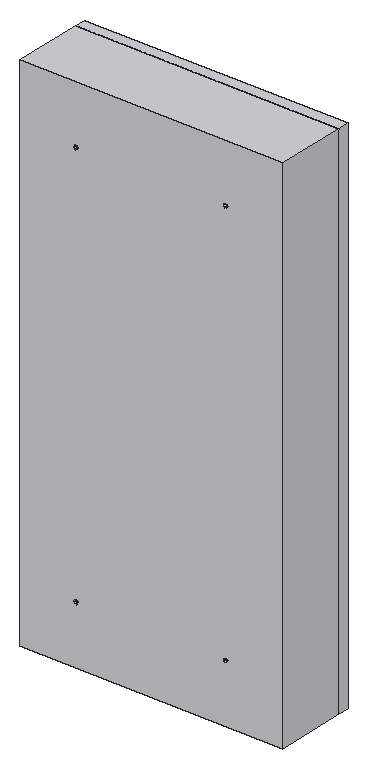
Revit family "AX9267_0007", category Appareils sanitaires, Revit 2016
Family settings
  Hôte = Mur
  Type d'élément = Normal
  Cote de connecteur circulaire = Utiliser le diamètre
  Numéro OmniClass = 23.75.00.00
  Titre OmniClass = Climate Control (HVAC)
  Toujours verticalement = Oui
  Couper avec des vides une fois chargée = Non
  Partagée = Non
  Point de calcul de pièce = Non
Parameters (values of type "Type 1")
  URL = "https://www.axeuro.com/fr/combines-2-en-1/25091-combine-distributeur-d-essuie-mains-et-poubelle-ax9267.html?search_query=ax9267&results=5"
  Modèle = "AX9267, AX9267-MBK"  # constant formula
  Fabricant = "Axeuro"  # constant formula
  Description = "Combiné distributeur d'essuie-mains et poubelle / Combo unit : paper towel dispenser and waste receptacle"  # constant formula
Reference planes
  plane 1 "Mur": y = 0
  plane 2 "Centre (gauche/droite)": x = 0
  plane 3 "Arrière": y = 75
Forms (mm)
  Extrusion 1, solid
    sketch origin (-115.2, 170, 180.521) x (1, 0, 0) y (0, 0, 1)
      loop
        line (293.2, 1199.919) -> (-62.8, 1199.919) -> (-62.8, 488.919) -> (293.2, 488.919) -> (293.2, 1199.919)
    from -15 to 0
  Extrusion 2, solid
    sketch origin (-307.535, 170, -381.507) x (1, 0, 0) y (0, 0, 1)
      loop
        line (485.535, 1761.947) -> (129.535, 1761.947) -> (129.535, 1050.947) -> (485.535, 1050.947) -> (485.535, 1761.947)
    from 0 to 95
  Extrusion 3, void
    sketch origin (-221.536, 169, 0.01) x (1, 0, 0) y (0, 0, 1)
      loop
        circle (120, 1301.44) r 3
    from 91.788 to 94
  Extrusion 4, void
    sketch origin (-18.498, 169, 0.01) x (1, 0, 0) y (0, 0, 1)
      loop
        circle (120, 1301.44) r 3
    from 91.788 to 94
  Extrusion 5, void
    sketch origin (-221.536, 169, -552.141) x (1, 0, 0) y (0, 0, 1)
      loop
        circle (120, 1301.44) r 3
    from 91.788 to 94
  Extrusion 6, void
    sketch origin (-18.498, 169, -552.141) x (1, 0, 0) y (0, 0, 1)
      loop
        circle (120, 1301.44) r 3
    from 91.788 to 94
  Extrusion 7, solid, not visible
    sketch origin (2.754, 75, -43.399) x (1, 0, 0) y (0, 0, 1)
      loop
        circle (125.604, 1575.159) r 8.25
    from -15 to -12.919
  Extrusion 8, void, not visible
    sketch origin (-0.165, 75, -0.43) x (1, 0, 0) y (0, 0, 1)
      loop
        line (129.522, 1537.139) -> (127.522, 1537.139) -> (127.522, 1527.239) -> (129.522, 1527.239) -> (129.522, 1537.139)
    from -15 to -12.919
  Extrusion 9, void
    sketch origin (442.756, 170.212, -18.307) x (1, 0, 0) y (0, 0, 1)
      loop
        line (-326.704, 1198.307) -> (-561.881, 1198.307)
        arc (-561.881, 1198.307) -> (-567.122, 1196.136) -> (-569.292, 1190.896) r 7.411
        line (-569.292, 1190.896) -> (-569.292, 975.719)
        arc (-569.292, 975.719) -> (-567.122, 970.478) -> (-561.881, 968.307) r 7.411
        line (-561.881, 968.307) -> (-326.704, 968.307)
        arc (-326.704, 968.307) -> (-321.463, 970.478) -> (-319.292, 975.719) r 7.411
        line (-319.292, 975.719) -> (-319.292, 1190.896)
        arc (-319.292, 1190.896) -> (-321.463, 1196.136) -> (-326.704, 1198.307) r 7.411
    from -15 to 93
Cuts and joins
  Extrusion 3, Extrusion 4, Extrusion 9 cuts Extrusion 1
  Extrusion 3, Extrusion 4, Extrusion 5, Extrusion 6, Extrusion 9 cuts Extrusion 2
Text (mm)
  text "Côté de la mise en place" at (-1820.995, 1116.779, 0), in view "Niveau de réf."
  text "Côté de la mise en place" at (0, 1334.055, 2976.191), in view "Gauche"
  text "Côté de la mise en place" at (0, 439.194, 2944.362), in view "Droite"
Dimensions and locks
  locked: plane 3 "Arrière" to host wall
  aligned and locked: plane 1 "Mur" to host wall
